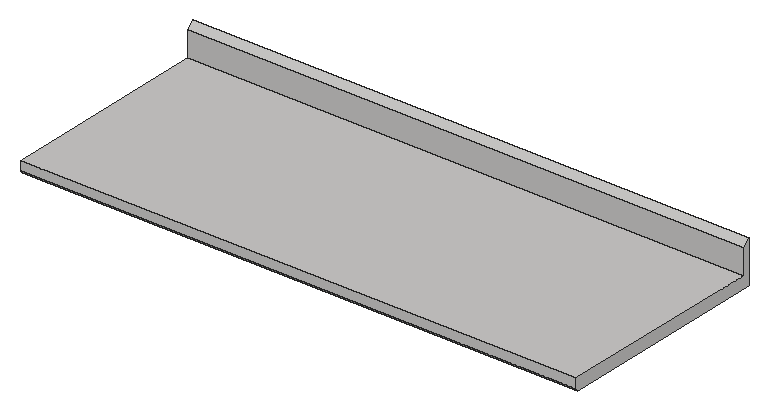
Revit family "QF_ELECTROLUXPROFESSIONAL_121149_TPLA18A", category Attrezzature speciali, Revit 2020
Family settings
  Quota connettore circolare = Usa diametro
  Tipo di parte = Normale
  Basato su piano di lavoro = No
  Sempre verticale = Sì
  Taglio con vuoti quando caricato = No
  Condiviso = No
  Punto di calcolo locali = No
Parameters (values of type "Standard")
  Weight = 59.00 kg
  Watts = 0 W
  Volts = 0 V
  URL Manufacturer = "https://www.electroluxprofessional.com/"
  URL = "https://www.electroluxprofessional.com/"
  Steam Supply Size = 0 mm
  Steam Supply Minimum Pressure = 0.0 Pa
  Steam Supply Maximum Pressure = 0.0 Pa
  Steam Consumption per Hour = 0
  Refrigeration Suction Line Size = 0.0 mm
  Refrigeration Liquid Line Size = 0.0 mm
  Refrigerant Compressor Remote = yes
  Prospetto di default = 0.0 mm
  Phase = 0
  Modello = "TPLA18A"
  Produttore = "Electrolux Professional"
  Length Actual = 1800.0 mm  # constant formula
  Item Number = "121149"
  Hot Water Size = 0 mm
  Height Actual = 140.0 mm  # constant formula
  HP = "0 HP"
  Gas Size = 0 mm
  Gas KW = 0
  Gas Input Pressure = 0 W
  Direct Waste Size = 0 mm
  Descrizione = "WORK TOP WITH UPSTAND 1800MM"
  Depth Actual = 700.0 mm  # constant formula
  Cycle = 0 Hz
  Condensate Return Size = 0 mm
  Compressed Air Volume = 0.0 L/s
  Compressed Air Size = 0 mm
  Compressed Air Pressure = 0.0 Pa
  Cold Water Size = 0 mm
  Accessory = yes
Reference planes
  plane 1 "Center (Front/Back)": y = 0
  plane 2: z = 0
  plane 3 "Center (Left/Right)": x = -400
  plane 4 "LEFT": x = -1300
  plane 5 "RIGHT": x = 500
  plane 6 "BACK": y = 350
  plane 7 "FRONT": y = -350
  plane 8 "TOP": z = 1000
  plane 9: z = 900
  plane 10: z = 860
Forms (mm)
  Extrusion 1, solid, material "QF_Finishes_Stainless Steel"
    sketch origin (-400, 0, 0) x (0, 1, 0) y (0, 0, 1)
      loop
        line (350, 1000) -> (330, 980) -> (330, 900) -> (-350, 900) -> (-350, 870) -> (-340, 860) -> (350, 860) -> (350, 1000)
    from 900 to -900
Lines and regions (mm)
  symbolic lines
    curve 1: line (500, 350, 1000) -> (-1300, 350, 1000)
    curve 2: line (-1300, 350, 1000) -> (-1300, -350, 1000)
    curve 3: line (-1300, -350, 1000) -> (500, -350, 1000)
    curve 4: line (500, -350, 1000) -> (500, 350, 1000)
    curve 5: line (-1300, 330, 1000) -> (500, 330, 1000)
Dimensions and locks
  plane 4 "LEFT" to plane 5 "RIGHT" = 1800.0 mm
  equal spacing: plane 4 "LEFT", plane 3 "Center (Left/Right)", plane 5 "RIGHT"
  plane 6 "BACK" to plane 7 "FRONT" = 700.0 mm
  equal spacing: plane 6 "BACK", plane 1 "Center (Front/Back)", plane 7 "FRONT"
  locked: plane 8 "TOP" to plane 9 at 100
  locked: plane 6 "BACK" to Extrusion 1 sketch curve at 20
  plane 10 to level = 860.0 mm
  plane 8 "TOP" to plane 10 = 140.0 mm
  aligned and locked: level to plane 2
  aligned and locked: Extrusion 1 to plane 4 "LEFT"
  aligned and locked: plane 5 "RIGHT" to Extrusion 1
  aligned and locked: curve 2 to plane 4 "LEFT"
  aligned and locked: Extrusion 1 sketch curve to plane 9
  aligned and locked: Extrusion 1 sketch curve to plane 6 "BACK"
  aligned and locked: plane 7 "FRONT" to Extrusion 1 sketch curve
  aligned and locked: plane 10 to Extrusion 1 sketch curve
Automatic sketch dimensions
  curve 3 to plane 7 "FRONT" = 0.0 mm
  curve 4 to plane 5 "RIGHT" = 0.0 mm
  curve 4 to plane 6 "BACK" = 0.0 mm
  curve 5 to plane 6 "BACK" = 20.0 mm
  Extrusion 1 sketch curve to plane 8 "TOP" = 0.0 mm
  Extrusion 1 sketch curve to plane 8 "TOP" = 20.0 mm
  plane 7 "FRONT" to Extrusion 1 sketch curve = 10.0 mm
  level to Extrusion 1 sketch curve = 870.0 mm
